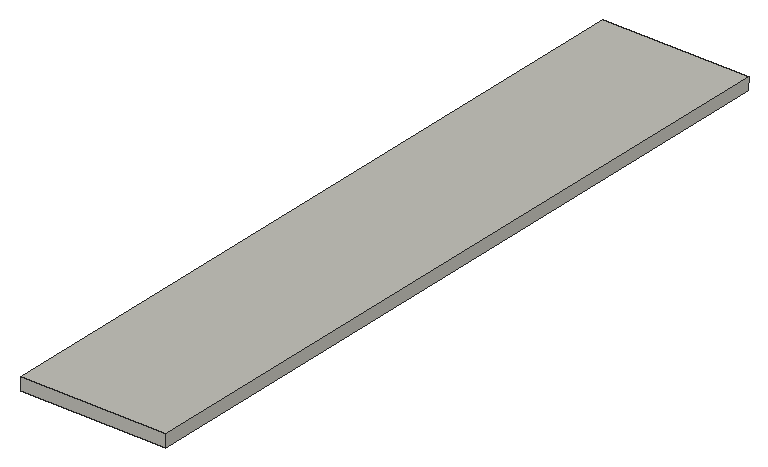
Revit family "Cambio Wall Systems - Acoustic - Fabric 18x90", category Generic Models, host Face, Revit 2023
Family settings
  Host = Face
  Can host rebar = No
  Round Connector Dimension = Use Diameter
  Part Type = Normal
  Cut with Voids When Loaded = No
  Maintain Annotation Orientation = No
  Shared = No
  Room Calculation Point = No
Parameters (values of type "Fabric Color - ZINC")
  Default Elevation = 4' - 0"
  Cambio Material = Cambio Fabric - Zinc
Types (13): name | Cambio Material
  Fabric Color - ZINC | Cambio Fabric - Zinc
  Fabric Color - TAUPE | Cambio Fabric - Taupe
  Fabric Color - STERLING | Cambio Fabric - Sterling
  Fabric Color - SLATE | Cambio Fabric - Slate
  Fabric Color - SHADOW | Cambio Fabric - Shadow
  Fabric Color - SAND | Cambio Fabric - Sand
  Fabric Color - PEBBLE | Cambio Fabric - Pebble
  Fabric Color - PATINA | Cambio Fabric - Patina
  Fabric Color - NECTAR | Cambio Fabric - Nectar
  Fabric Color - FLINT | Cambio Fabric - Flint
  Fabric Color - FELDSPAR | Cambio Fabric - Feldspar
  Fabric Color - CHARCOAL | Cambio Fabric - Charcoal
  Fabric Color - ALMOND | Cambio Fabric - Almond
Reference planes (in)
  plane 1 "Center (Front/Back)": y = 0
  plane 2: z = 0
  plane 3 "Center (Left/Right)": x = 0
Forms (in)
  Extrusion 1, solid, material "Cambio Fabric - Zinc" <- "Cambio Material"
    sketch origin (0, 0, 0) x (1, 0, 0) y (0, 1, 0)
      loop
        line (-9, 45) -> (-9, -45) -> (9, -45) -> (9, 45) -> (-9, 45)
    from 0 to 1.5
Dimensions and locks (in)
  Extrusion 1 sketch curve to plane 3 "Center (Left/Right)" to Extrusion 1 sketch curve = 0' - 9" locked, 0' - 9" locked
  Extrusion 1 sketch curve to plane 1 "Center (Front/Back)" to Extrusion 1 sketch curve = 3' - 9" locked, 3' - 9" locked
  aligned and locked: plane 2 to host face
  aligned and locked: level to host face
